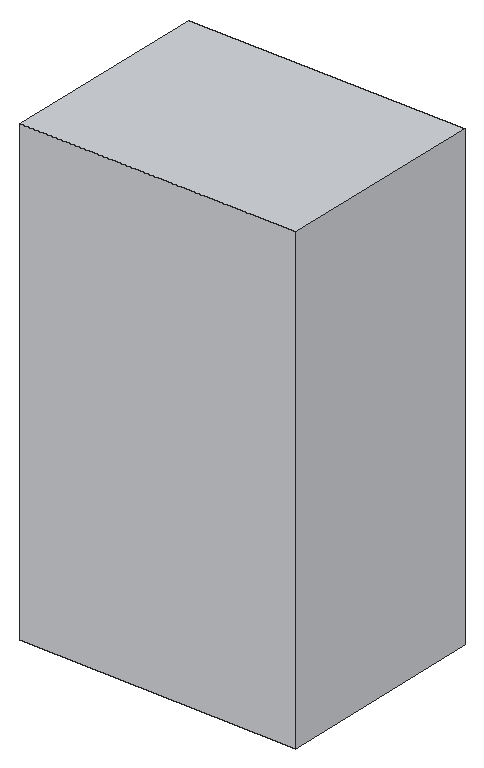
Revit family
Parameters
  Warranty Duration (Years) = 0
  URL = "http://www.americanspecialties.com/viewCategories.cfm"
  Body Material = Metal - Stainless Steel
  Test Data = ""
  Specification = "http://www.arcat.com/sdspecs/htm/10810asi.htm"
  SpecWizard = ""
  Send Message = "http://www.arcat.com/users.pl?action=UserEmail&company=American%20Specialties,%20Inc.&coid=30448&rep=139&fax=914-476-0688&mf="
  Sales Information = "http://www.americanspecialties.com/contact"
  Revision = "R1_10-2010"
  Product Properties = "http://www.americanspecialties.com/datasheets/0785-Z.pdf"
  Product Data = "http://www.arcat.com/arcatcos/cos30/arc30448.html"
  Model = "As Specified in 10 28 13"
  Manufacturer Website = "http://www.americanspecialties.com/viewCategories.cfm"
  Manufacturer Phone - Toll Free = ""
  Manufacturer Phone = "914-476-9000 "
  Manufacturer Fax = "914-476-0688"
  Manufacturer Address = "441 Saw Mill River Rd., Yonkers, NY 10701"
  Manufacturer = "American Specialties, Inc."
  Maintenance Schedule (Months) = 0
  Keynote = "10 28 13"
  Installation-Fabrication = "http://www.americanspecialties.com/products.cfm"
  Green Building-LEED = ""
  Expected Lifespan (Years) = 0
  Trim Material = Metal - Stainless Steel
  Drawn By = "Robert S. Weygant. CSI, CDT, SCIP"  # constant formula
  Description = "Toilet Accessory as Specified in 10 28 13"
  Default Elevation = 4' - 0"
  Copyright = "©Arcat Inc."
  Construction Details = "http://www.arcat.com/green/clients/leed_data_30448.html"
  Building Codes = "http://www.americanspecialties.com/products.cfm"
  Assembly Code = "C1030210"
Reference planes (in)
  plane 1 "Center (Front/Back)": y = -0.29112
  plane 2 "Floor Line": z = 0
  plane 3 "Center (Left/Right)": x = -0.65843
  plane 4: x = -1.75218
  plane 5: x = 0.43532
  plane 6: z = 0.4375
  plane 7: y = -1.04112
  plane 8: y = 0.45888
  plane 9: x = -0.97093
  plane 10: x = -0.34593
  plane 11: y = 0.08388
  plane 12: y = -0.66612
  plane 13: z = 0.75
  plane 14: z = 1.5
Forms (in)
  Extrusion 1, solid
    sketch origin (-3, -9, -6) x (0, 0, -1) y (1, 0, 0)
      loop
        line (-82, 26) -> (-82, -19.34712) -> (-6, -19.34712) -> (-6, 26) -> (-82, 26)
    from 9 to -25.60721
  Extrusion 2, solid, material "Metal - Stainless Steel" <- "Body Material"
    sketch origin (0, -0.29112, 0) x (1, 0, 0) y (0, 0, 1)
      loop
        line (-1.75218, 0) -> (0.43532, 0)
        arc (0.43532, 0) -> (0.30718, 0.30936) -> (-0.00218, 0.4375) r 0.4375
        line (-0.00218, 0.4375) -> (-1.31468, 0.4375)
        arc (-1.31468, 0.4375) -> (-1.62404, 0.30936) -> (-1.75218, 0) r 0.4375
    from -0.75 to 0.75
  Extrusion 3, solid, material "Metal - Stainless Steel" <- "Body Material"
    sketch origin (0, 0, 0) x (1, 0, 0) y (0, 1, 0)
      loop
        line (-0.97093, 0.08388) -> (-0.97093, -0.66612) -> (-0.34593, -0.66612) -> (-0.34593, 0.08388) -> (-0.97093, 0.08388)
    from 0.75 to 1.5
  SweptBlend 4, solid, material "Metal - Stainless Steel" <- "Body Material"
    path origin (0, -0.29112, 0) x (1, 0, 0) y (0, 0, 1)
      loop
        line (-0.65843, 0.4375) -> (-0.65843, 0.75)
    profile origin (-0.65843, -0.29112, 0.4375) x (-1, 0, 0) y (0, -1, 0)
      loop
        line (0.5, -0.5) -> (0.5, 0.5) -> (-0.5, 0.5) -> (-0.5, -0.5) -> (0.5, -0.5)
    end profile origin (-0.65843, -0.29112, 0.75) x (-1, 0, 0) y (0, -1, 0)
      loop
        line (-0.3125, -0.375) -> (0.3125, -0.375) -> (0.3125, 0.375) -> (-0.3125, 0.375) -> (-0.3125, -0.375)
  Sweep 5, solid, material "Metal - Stainless Steel" <- "Body Material"
    path origin (0, 0, 0) x (1, 0, 0) y (0, 1, 0)
      loop
        circle (-0.65843, -3.29112) r 3
    profile origin (-0.65843, -0.29112, 0) x (0, -1, 0) y (0, 0, 1)
      loop
        circle (0, 1.15364) r 0.1875
Dimensions and locks (in)
  aligned and locked: Extrusion 2 to plane 8
  aligned and locked: plane 7 to Extrusion 2
  aligned and locked: plane 8 to Extrusion 2
  aligned and locked: Extrusion 2 to level
  aligned and locked: plane 6 to Extrusion 2
  aligned and locked: plane 4 to Extrusion 2
  aligned and locked: plane 5 to Extrusion 2
  aligned and locked: plane 9 to Extrusion 3 sketch curve
  aligned and locked: plane 11 to Extrusion 3 sketch curve
  aligned and locked: plane 12 to Extrusion 3 sketch curve
  aligned and locked: Extrusion 3 sketch curve to plane 10
  aligned and locked: Extrusion 3 to plane 13
  aligned and locked: plane 14 to Extrusion 3
  aligned and locked: SweptBlend 4 sketch curve to Extrusion 3  (x4)
